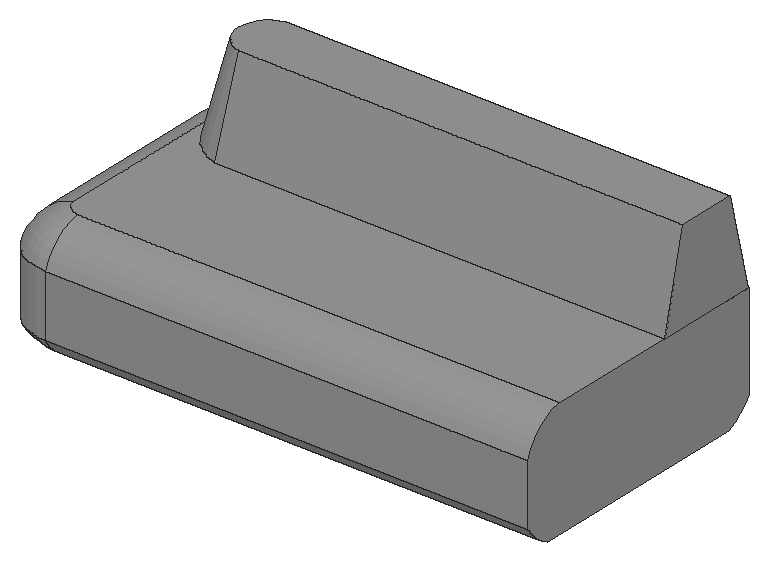
Revit family "_Casino_2-Seat_LHF", category Furniture, Revit 2013
Parameters (values of type "Casino 2 Seat LHF")
  Model = "Casino"
  Length = 5' - 9"
  Description = "Seating"
  Width = 1' - 0 1/4"
  URL = "http://www.bernhardtdesign.com/"
  Product Page URL = "http://www.bernhardtdesign.com/products/casino/index.html"
  Product Name = "Casino"
  Product Documentation Link = "http://www.bernhardtdesign.com/pdf/pricelists/sofas/Casino_PL.pdf"
  Manufacturer = "Bernhardt "  # constant formula
  Level Certification = ""
  Height = 2' - 4 1/4"
  GreenGuard Certification = ""
  Bernhardt Fabric = Fabric-Bernhardt-White
Reference planes (in)
  plane 1 "Center (Front/Back)": y = 0
  plane 2 "Bottom": z = 0
  plane 3 "Center (Left/Right)": x = 25.9341
  plane 4 "bottom": z = 1.16279
  plane 5 "base of back cushion": z = 16.29409
  plane 6: x = 94.9341
  plane 7 "top": z = 28.14339
  plane 8: y = 18.17146
  plane 9: y = -17.31987
  plane 10: y = 12.28146
  plane 11: y = -11.42987
Forms (in)
  Extrusion 1, solid, material "Fabric-Bernhardt-White"
    sketch origin (46.7152, 0, 0) x (-1, 0, 0) y (0, -1, 0)
      loop
        line (-48.2189, -18.17146) -> (10.80455, -18.17146)
        arc (10.80455, -18.17146) -> (17.87562, -15.24253) -> (20.80455, -8.17146) r 10
        line (20.80455, -8.17146) -> (20.80455, 10.31987)
        arc (20.80455, 10.31987) -> (18.7543, 15.26962) -> (13.80455, 17.31987) r 7
        line (13.80455, 17.31987) -> (-48.2189, 17.31987) -> (-48.2189, -18.17146)
    from 1.16279 to 16.29409
  Sweep 2, void
    path in 3D
      loop
        line (94.9341, 18.17146, 1.16279) -> (35.91065, 18.17146, 1.16279)
        arc (35.91065, 18.17146, 1.16279) -> (28.83958, 15.24253, 1.16279) -> (25.91065, 8.17146, 1.16279) r 10
        line (25.91065, 8.17146, 1.16279) -> (25.91065, -10.31987, 1.16279)
        arc (25.91065, -10.31987, 1.16279) -> (27.9609, -15.26962, 1.16279) -> (32.91065, -17.31987, 1.16279) r 7
        line (32.91065, -17.31987, 1.16279) -> (94.9341, -17.31987, 1.16279)
    profile origin (63.92237, -17.31987, 1.16279) x (0, -1, 0) y (0, 0, -1)
      loop
        line (0.04047, -2.82561) -> (2.00695, -2.82561) -> (2.00695, 1.67439) -> (-3.74305, 1.67439) -> (-3.74305, 0.17439)
        arc (-3.74305, 0.17439) -> (-1.53462, -0.92623) -> (0.04047, -2.82561) r 5.97274
  Sweep 3, void
    path in 3D
      loop
        line (94.9341, -17.31987, 16.29409) -> (32.91065, -17.31987, 16.29409)
        arc (32.91065, -17.31987, 16.29409) -> (27.9609, -15.26962, 16.29409) -> (25.91065, -10.31987, 16.29409) r 7
        line (25.91065, -10.31987, 16.29409) -> (25.91065, 20.68013, 16.29409)
    profile origin (63.92237, -17.31987, 16.29409) x (0, -1, 0) y (0, 0, 1)
      loop
        arc (-5.06987, 0) -> (-1.92508, -1.50203) -> (0, -4.40717) r 6.533
        line (0, -4.40717) -> (2.5, -4.40717) -> (2.5, 0.9602) -> (-5.06987, 0)
  Extrusion 4, solid, material "Plastic, Opaque Black"
    sketch origin (49.32487, 2.23669, 0) x (1, 0, 0) y (0, 1, 0)
      loop
        circle (-13.65846, -11.94587) r 1.75
    from 0 to 1.16279
  SweptBlend 5, solid, material "Fabric-Bernhardt-White"
    path in 3D
      loop
        line (46.7152, 11.41343, 28.14339) -> (46.7152, 11.41343, 16.29409)
    profile origin (46.7152, 11.41343, 28.14339) x (-1, 0, 0) y (0, -1, 0)
      loop
        line (-48.2189, 3.75803) -> (-48.2189, -3.75803) -> (8.93633, -3.75803)
        arc (8.93633, -3.75803) -> (12.00445, 0) -> (8.93633, 3.75803) r 3.8356
        line (8.93633, 3.75803) -> (-48.2189, 3.75803)
    end profile origin (46.7152, 11.41343, 16.29409) x (-1, 0, 0) y (0, -1, 0)
      loop
        line (-48.2189, 6.75803) -> (-48.2189, -6.74552) -> (9.67925, -6.74552)
        arc (9.67925, -6.74552) -> (15.00448, 0.00626) -> (9.67925, 6.75803) r 6.94285
        line (9.67925, 6.75803) -> (-48.2189, 6.75803)
  Extrusion 6, solid, material "Plastic, Opaque Black"
    sketch origin (49.32487, 22.47734, 0) x (1, 0, 0) y (0, 1, 0)
      loop
        circle (-13.65846, -11.94587) r 1.75
    from 0 to 1.16279
  Extrusion 7, solid, material "Plastic, Opaque Black"
    sketch origin (40.08276, 2.22983, 0) x (-1, 0, 0) y (0, -1, 0)
      loop
        circle (-45.56369, 11.94587) r 1.75
    from 0 to 1.16279
  Extrusion 8, solid, material "Plastic, Opaque Black"
    sketch origin (40.31061, 22.43251, 0) x (-1, 0, 0) y (0, -1, 0)
      loop
        circle (-45.56369, 11.94587) r 1.75
    from 0 to 1.16279
Cuts and joins
  Sweep 2, Sweep 3 cuts Extrusion 1
Lines and regions (in)
  sketch lines
    curve 1: line (32.91065, -17.31987, 1.16279) -> (94.9341, -17.31987, 1.16279)
    curve 2: arc (32.91065, -17.31987, 1.16279) -> (27.9609, -15.26962, 1.16279) -> (25.91065, -10.31987, 1.16279) r 7
    curve 3: line (25.91065, 8.17146, 1.16279) -> (25.91065, -10.31987, 1.16279)
    curve 4: arc (25.91065, 8.17146, 1.16279) -> (28.83958, 15.24253, 1.16279) -> (35.91065, 18.17146, 1.16279) r 10
    curve 5: line (94.9341, 18.17146, 1.16279) -> (35.91065, 18.17146, 1.16279)
    curve 6: line (94.9341, -17.31987, 16.29409) -> (32.91065, -17.31987, 16.29409)
    curve 7: arc (25.91065, -10.31987, 16.29409) -> (27.9609, -15.26962, 16.29409) -> (32.91065, -17.31987, 16.29409) r 7
    curve 8: line (25.91065, -10.31987, 16.29409) -> (25.91065, 20.68013, 16.29409)
    curve 13: line (46.7152, 11.41343, 28.14339) -> (46.7152, 11.41343, 16.29409)
  reference lines
    curve 9: arc (37.03594, 4.66792, 16.29409) -> (31.71071, 11.41969, 16.29409) -> (37.03594, 18.17146, 16.29409) r 6.94285
    curve 10: line (37.03594, 18.17146, 16.29409) -> (63.02887, 18.17146, 16.29409)
    curve 11: arc (37.77887, 15.17146, 28.14339) -> (34.71075, 11.41343, 28.14339) -> (37.77887, 7.65541, 28.14339) r 3.8356
    curve 12: line (46.7152, 11.41343, 28.14339) -> (46.7152, 11.41343, 16.29409)
  symbolic lines
    curve 14: line (94.9341, 18.17146, 28.14339) -> (34.99574, 18.17146, 28.14339)
    curve 15: arc (37.03594, 18.17146, 28.14339) -> (29.5179, 15.85801, 28.14339) -> (25.9341, 8.85591, 28.14339) r 10.109
    curve 16: line (25.9341, 8.85591, 28.14339) -> (25.9341, -10.47485, 28.14339)
    curve 17: arc (25.9341, -10.47485, 28.14339) -> (27.93896, -15.31501, 28.14339) -> (32.77912, -17.31987, 28.14339) r 6.84502
    curve 18: line (32.77912, -17.31987, 28.14339) -> (94.9341, -17.31987, 28.14339)
    curve 19: line (94.9341, -17.31987, 28.14339) -> (94.9341, 18.17146, 28.14339)
    curve 20: arc (37.03594, 18.17146, 28.14339) -> (31.71071, 11.41969, 28.14339) -> (37.03594, 4.66792, 28.14339) r 6.94285
    curve 21: line (37.03594, 4.66792, 28.14339) -> (94.9341, 4.66792, 28.14339)
Dimensions and locks (in)
  locked: Extrusion 8 sketch curve to plane 6 at 7.3098
  locked: Extrusion 7 sketch curve to plane 6 at 7.53764
  locked: plane 3 "Center (Left/Right)" to Extrusion 6 sketch curve at 7.98232
  plane 3 "Center (Left/Right)" to Extrusion 4 sketch curve = 0' - 7.98232"
  plane 3 "Center (Left/Right)" to plane 6 = 5' - 9"
  radius of Extrusion 4 sketch curve = 0' - 1 3/4"
  radius of Extrusion 6 sketch curve = 0' - 1 3/4"
  radius of Extrusion 7 sketch curve = 0' - 1 3/4"
  radius of Extrusion 8 sketch curve = 0' - 1 3/4"
  aligned and locked: plane 2 "Bottom" to level
  aligned and locked: plane 3 "Center (Left/Right)" to curve 16
  aligned and locked: SweptBlend 5 sketch curve to plane 6  (x2)
  aligned and locked: curve 19 to plane 6
  aligned and locked: Extrusion 1 to plane 6
